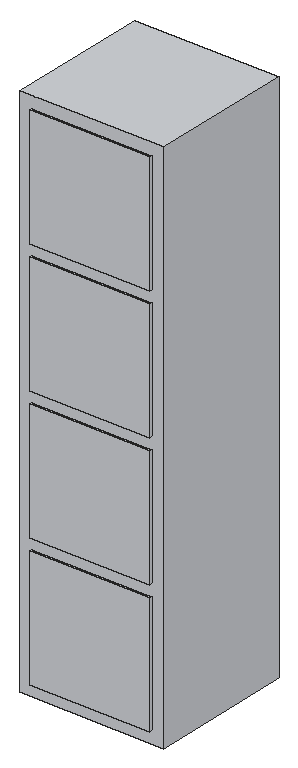
Revit family "M_Placa de distribuição do transformador", category Equipamento elétrico, Revit 2019
Family settings
  Cota do conector redondo = Utilizar diâmetro
  Tipo de parte = Quadro elétrico
  Número OmniClass = 23.80.30.11.17
  Título OmniClass = Distribution Boards and Control Panels
  ID de item do Seek = Transformer Switchboard-0000-CAN-ENU
  Com base no plano de trabalho = Não
  Sempre na vertical = Sim
  Corte com vazios quando carregada = Não
  Compartilhado = Não
  Ponto de cálculo do ambiente = Não
Parameters (values of type "610mmx622mm")
  Largura do quadro elétrico = 622 mm
  Material do quadro elétrico = none
  Comprimento do quadro elétrico = 610 mm
  Altura do quadro elétrico = 2286 mm
  Voltagem primária = 480 V
  Número primário dos pólos = 3
  Comprimento do painel = Comprimento 1 - 101.6 mm  # 508.4 mm
  Altura do painel = (Altura 1 - 254 mm) / 4  # 508 mm
  Classificação de carga = Outros
  Comprimento 1 = if(Comprimento do quadro elétrico > 152.4 mm, Comprimento do quadro elétrico, 152.4 mm)  # 610 mm
  Altura 1 = if(Altura do quadro elétrico > 457.2 mm, Altura do quadro elétrico, 457.2 mm)  # 2286 mm
  Comprimento de meio quadro elétrico = 0.5 * Comprimento 1  # 305 mm
Types (4, lengths in mm): name | Largura do quadro elétrico | Comprimento do quadro elétrico | Comprimento do painel | Comprimento 1 | Comprimento de meio quadro elétrico
  (no name) | 622 | 610 | 508.4 | 610 | 305
  914mmx673mm | 673 | 914 | 812.4 | 914 | 457
  610mmx622mm | 622 | 610 | 508.4 | 610 | 305
  762mmx927mm | 927 | 762 | 660.4 | 762 | 381
Reference planes
  plane 1 "Centro (Frente/Trás)": y = 0
  plane 2: z = 0
  plane 3 "Centro (Esquerda/Direita)": x = 0
  plane 4: y = -622
  plane 5: y = -609.3
  plane 6: x = 305
  plane 7: x = -305
  plane 8: x = 254.2
  plane 9: x = -254.2
  plane 10: z = 2286
  plane 11: z = 2235.2
  plane 12: z = 50.8
  plane 13: z = 1676.4
  plane 14: z = 558.8
  plane 15: z = 609.6
  plane 16: z = 1117.6
  plane 17: z = 1168.4
  plane 18: z = 1727.2
  plane 19: y = -304.65
Forms (mm)
  Extrusion 1, solid, material <- "Material do quadro elétrico"
    sketch origin (0, 0, 0) x (1, 0, 0) y (0, 1, 0)
      loop
        line (-305, 0) -> (-305, -609.3) -> (305, -609.3) -> (305, 0) -> (-305, 0)
    from 0 to 2286
  Extrusion 2, solid, material <- "Material do quadro elétrico"
    sketch origin (0, 0, 0) x (1, 0, 0) y (0, 0, 1)
      loop
        line (-254.2, 2235.2) -> (-254.2, 1727.2) -> (254.2, 1727.2) -> (254.2, 2235.2) -> (-254.2, 2235.2)
      loop
        line (-254.2, 1676.4) -> (-254.2, 1168.4) -> (254.2, 1168.4) -> (254.2, 1676.4) -> (-254.2, 1676.4)
      loop
        line (-254.2, 1117.6) -> (-254.2, 609.6) -> (254.2, 609.6) -> (254.2, 1117.6) -> (-254.2, 1117.6)
      loop
        line (-254.2, 558.8) -> (-254.2, 50.8) -> (254.2, 50.8) -> (254.2, 558.8) -> (-254.2, 558.8)
    from 609.3 to 622
Dimensions and locks
  "Largura do quadro elétrico": plane 1 "Centro (Frente/Trás)" to plane 4
  locked: plane 5 to plane 4 at 12.7
  "Comprimento de meio quadro elétrico": plane 7 to plane 3 "Centro (Esquerda/Direita)"
  "Comprimento de meio quadro elétrico": plane 3 "Centro (Esquerda/Direita)" to plane 6
  locked: plane 7 to plane 9 at 50.8
  locked: plane 8 to plane 6 at 50.8
  "Altura do quadro elétrico": plane 10 to plane 2
  locked: plane 10 to plane 11 at 50.8
  locked: plane 12 to plane 2 at 50.8
  "Altura do painel": plane 14 to plane 12
  locked: plane 15 to plane 14 at 50.8
  "Altura do painel": plane 16 to plane 15
  locked: plane 17 to plane 16 at 50.8
  "Altura do painel": plane 13 to plane 17
  locked: plane 18 to plane 13 at 50.8
  equal spacing: plane 1 "Centro (Frente/Trás)", plane 19, plane 5
  aligned and locked: plane 7 to Extrusion 1 sketch curve
  aligned and locked: plane 1 "Centro (Frente/Trás)" to Extrusion 1 sketch curve
  aligned and locked: plane 5 to Extrusion 1 sketch curve
  aligned and locked: Extrusion 1 sketch curve to plane 6
  aligned and locked: Extrusion 1 to plane 2
  aligned and locked: plane 10 to Extrusion 1
  aligned and locked: plane 9 to Extrusion 2 sketch curve  (x4)
  aligned and locked: Extrusion 2 sketch curve to plane 11
  aligned and locked: plane 18 to Extrusion 2 sketch curve
  aligned and locked: plane 8 to Extrusion 2 sketch curve  (x4)
  aligned and locked: Extrusion 2 sketch curve to plane 13
  aligned and locked: plane 17 to Extrusion 2 sketch curve
  aligned and locked: Extrusion 2 sketch curve to plane 16
  aligned and locked: plane 15 to Extrusion 2 sketch curve
  aligned and locked: Extrusion 2 sketch curve to plane 14
  aligned and locked: plane 12 to Extrusion 2 sketch curve
  aligned and locked: Extrusion 2 to plane 4
  aligned and locked: plane 5 to Extrusion 2
  aligned and locked: plane 3 "Centro (Esquerda/Direita)" to nested 1
  aligned and locked: nested 1 to plane 19
Nested families
  nested 1: "M_Símbolo do quadro de distribuição" at (0, -304.65, 0), type "Símbolo do quadro elétrico", detail levels coarse+medium
Connectors
  electrical at (0, -304.65, 2286), driven by "Número primário dos pólos", driven by "Voltagem primária", driven by "Classificação de carga"
    settings: on Extrusion 1, index 1, voltage 480 V, apparent load 0 VA, apparent load phase1 0 VA, apparent load phase2 0 VA, apparent load phase3 0 VA, power factor 1, load classification "Outros", number of poles 3, system type 31, power factor state 1, is connector primary yes, connector utility no, sub classification motor no, connector description ""
  cabletrayconduit at (0, -304.65, 2286), diameter 600
    settings: on Extrusion 1, index 2, connector width 300 mm, connector height 300 mm, connector angle 0.00°, system type 32, placement type 1, profile type 0, connector reference index -1, is primary connector yes, connector utility param no, connector description ""
  cabletrayconduit at (-305, -304.65, 1143), diameter 600
    settings: on Extrusion 1, index 3, connector width 300 mm, connector height 300 mm, connector angle 0.00°, system type 32, placement type 1, profile type 0, connector reference index -1, is primary connector no, connector utility param no, connector description ""
  cabletrayconduit at (305, -304.65, 1143), diameter 600
    settings: on Extrusion 1, index 4, connector width 300 mm, connector height 300 mm, connector angle 0.00°, system type 32, placement type 1, profile type 0, connector reference index -1, is primary connector no, connector utility param no, connector description ""
  cabletrayconduit at (0, 0, 1143), diameter 600
    settings: on Extrusion 1, index 5, connector width 300 mm, connector height 300 mm, connector angle 0.00°, system type 32, placement type 1, profile type 0, connector reference index -1, is primary connector no, connector utility param no, connector description ""
  cabletrayconduit at (0, -304.65, 0), diameter 600
    settings: on Extrusion 1, index 6, connector width 300 mm, connector height 300 mm, connector angle 0.00°, system type 32, placement type 1, profile type 0, connector reference index -1, is primary connector no, connector utility param no, connector description ""
Definition of nested family "M_Símbolo do quadro de distribuição"
  Reference planes
    plane 1: y = 0
    plane 2: x = 0
  Text (mm)
    text "SB" at (-2.206, 1.923, 0)
